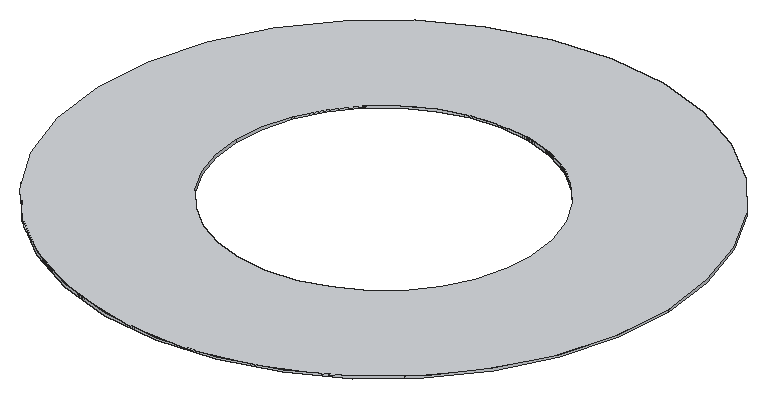
Revit family "FURN_Table_Circle_Donut", category Furniture, Revit 2024
Family settings
  OmniClass Number = 23.40.20.00
  OmniClass Title = General Furniture and Specialties
  Work Plane-Based = No
  Enable Cutting in Views = No
  Always vertical = Yes
  Cut with Voids When Loaded = No
  Render Appearance Source = Family Geometry
  Shared = No
  Room Calculation Point = No
Parameters (values of type "Donut_2500mm Radius")
  Width_Table = 1200 mm
  Radius_Outer = 2500 mm
  Height = 685 mm
  EA_Repath [instance] = 0 mm
  Dividers = no
  Default Elevation = 0 mm
Types (2, lengths in mm): name | Dividers
  Donut_2500mm Radius_Dividers | yes
  Donut_2500mm Radius | no
Reference planes
  plane 1 "Center (Front/Back)": y = 0
  plane 2: z = 0
  plane 3 "Center (Left/Right)": x = 0
  plane 4: x = 2500
  plane 5 "Surface": z = 685
  plane 6: x = 1300
  plane 7: x = -2500
  plane 8: x = -1300
  plane 9: y = 1300
  plane 10: y = 2500
  plane 11: y = -1300
  plane 12: y = -2500
Forms (mm)
  Extrusion 1, solid
    sketch origin (-954.435, -1524, 685) x (-1, 0, 0) y (0, -1, 0)
      loop
        circle (-954.435, -1524) r 2500
      loop
        circle (-954.435, -1524) r 1300
    from 0 to -20
Lines and regions (mm)
  model lines, visible <- "Dividers"
    curve 1: line (0, 1300, 685) -> (0, 2500, 685)
    curve 2: line (1300, 0, 685) -> (2500, 0, 685)
    curve 3: line (0, -1300, 685) -> (0, -2500, 685)
    curve 4: line (-1300, 0, 685) -> (-2500, 0, 685)
Dimensions and locks
  "Radius_Outer": plane 3 "Center (Left/Right)" to plane 4
  "Height": plane 5 "Surface" to plane 2
  "Width_Table": plane 6 to plane 4
  "Width_Table": plane 8 to plane 7
  "Radius_Outer": plane 12 to plane 1 "Center (Front/Back)"
  "Radius_Outer": plane 1 "Center (Front/Back)" to plane 10
  "Radius_Outer": plane 7 to plane 3 "Center (Left/Right)"
  "Width_Table": plane 12 to plane 11
  "Width_Table": plane 10 to plane 9
  aligned and locked: level to plane 2
  aligned and locked: Extrusion 1 sketch curve to plane 1 "Center (Front/Back)"
  aligned and locked: plane 4 to Extrusion 1 sketch curve
  aligned and locked: plane 6 to Extrusion 1 sketch curve
  aligned and locked: plane 9 to curve 1
  aligned and locked: plane 10 to curve 1
  aligned and locked: plane 6 to curve 2
  aligned and locked: plane 4 to curve 2
  aligned and locked: curve 3 to plane 11
  aligned and locked: curve 3 to plane 12
  aligned and locked: plane 8 to curve 4
  aligned and locked: plane 7 to curve 4
Automatic sketch dimensions
  Extrusion 1 sketch curve to Extrusion 1 sketch curve = 0 mm  (x2)
  Extrusion 1 sketch curve to plane 3 "Center (Left/Right)" = 0 mm
  curve 3 to plane 3 "Center (Left/Right)" = 0 mm
  plane 1 "Center (Front/Back)" to curve 2 = 0 mm
  curve 4 to plane 1 "Center (Front/Back)" = 0 mm
  curve 1 to plane 3 "Center (Left/Right)" = 0 mm
